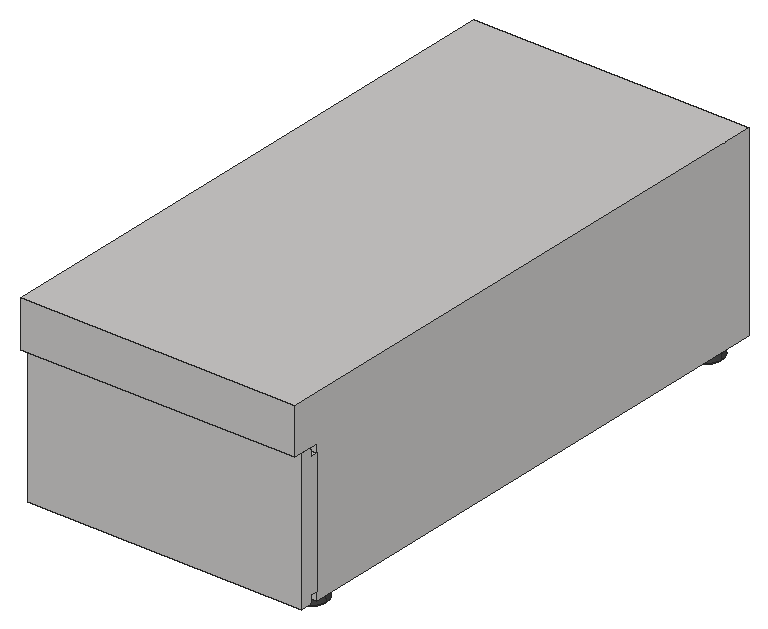
Revit family "QF_MACON_MN7xC-x", category Equipamento especial, Revit 2020
Family settings
  Cota do conector redondo = Utilizar diâmetro
  Tipo de parte = Normal
  Número OmniClass = 23.40.40.14.17
  Título OmniClass = Food Cooking Equipment
  Com base no plano de trabalho = Não
  Sempre na vertical = Sim
  Corte com vazios quando carregada = Não
  Compartilhado = Não
  Ponto de cálculo do ambiente = Não
Parameters (values of type "MN71C-G")
  Width = 360 mm
  Weight = 13.00 kg
  Volume = 0.06 m³
  URL = "https://www.acosmacom.com.br/"
  Show Clearances = yes
  Modelo = "MN71C-G"
  Height = 245 mm
  Fabricante = "MACOM"
  Elevação padrão = 0 mm
  Door 2 = yes
  Door 1 = yes
  Descrição = "MÓDULO NEUTRO COM GAVETA 360 MACOM"
  Depth = 745 mm
Types (5, lengths in mm): name | Width | Weight | Volume | Show Clearances | Modelo | Door 2 | Door 1 | Descrição
  (no name) | 360 | 13.00 kg | 0.06 m³ | yes | "MN71C-G" | yes | yes | "MÓDULO NEUTRO COM GAVETA 360 MACOM"
  MN72C-G | 720 | 20.00 kg | 1.3 m³ | yes | "MN72C-G" | yes | yes | "MÓDULO NEUTRO COM GAVETA 720 MACOM"
  MN71C-G | 360 | 13.00 kg | 0.06 m³ | yes | "MN71C-G" | yes | yes | "MÓDULO NEUTRO COM GAVETA 360 MACOM"
  MN72C-S | 720 | 20.00 kg | 1.3 m³ | no | "MN72C-S" | no | no | "MÓDULO NEUTRO SIMPLES 720 MACOM"
  MN71C-S | 360 | 13.00 kg | 0.06 m³ | no | "MN71C-S" | no | no | "MÓDULO NEUTRO SIMPLES 360 MACOM"
Reference planes
  plane 1 "Centro (Frente/Trás)": y = 0
  plane 2: z = 0.008
  plane 3 "Centro (Esquerda/Direita)": x = 0
  plane 4: z = 20.008
  plane 5: z = 265.008
  plane 6: y = -708.65
  plane 7: y = -745
  plane 8: z = 204.508
  plane 9: x = 360
  plane 10: z = 0.008
  plane 11: x = 360
  plane 12: x = 0
  plane 13: y = -708.65
  plane 14: x = 30
  plane 15: x = 330
  plane 16: y = -30
  plane 17: y = -678.65
  plane 18: z = 0.008
  plane 19: z = 500.008
  plane 20: z = 95.008
Forms (mm)
  Extrusion 1, solid, material "QF_Metal_Stainless Steel"
    sketch origin (0, 0, 0) x (0, 1, 0) y (0, 0, 1)
      loop
        line (0, 20.008) -> (0, 265.008) -> (-745, 265.008) -> (-745, 204.508) -> (-708.65, 204.508) -> (-708.65, 20.008) -> (0, 20.008)
    from 0 to 360
  Extrusion 2, solid, material "QF_Metal_Stainless Steel", not visible
    sketch origin (823.122, 0, 95.008) x (1, 0, 0) y (0, 1, 0)
      loop
        circle (-681.622, -367) r 45
    from 0 to 1
Lines and regions (mm)
  symbolic lines
    curve 1: line (0, 0, 0.008) -> (360, 0, 0.008)
    curve 2: line (0, -745, 0.008) -> (0, 0, 0.008)
    curve 3: line (360, -745, 0.008) -> (0, -745, 0.008)
    curve 4: line (360, 0, 0.008) -> (360, -745, 0.008)
  symbolic lines, not visible
    curve 5: circle (180, -88.5, 500.008) r 16 normal (0, 0, 1)
    curve 6: line (27.5, -211, 500.008) -> (27.5, -521, 500.008)
    curve 7: arc (27.5, -521, 500.008) -> (50.931, -577.569, 500.008) -> (107.5, -601, 500.008) r 80
    curve 8: line (107.5, -601, 500.008) -> (252.5, -601, 500.008)
    curve 9: arc (252.5, -601, 500.008) -> (309.069, -577.569, 500.008) -> (332.5, -521, 500.008) r 80
    curve 10: line (332.5, -521, 500.008) -> (332.5, -211, 500.008)
    curve 11: arc (332.5, -211, 500.008) -> (309.069, -154.431, 500.008) -> (252.5, -131, 500.008) r 80
    curve 12: line (252.5, -131, 500.008) -> (107.5, -131, 500.008)
    curve 13: arc (107.5, -131, 500.008) -> (50.931, -154.431, 500.008) -> (27.5, -211, 500.008) r 80
    curve 14: circle (141.349, -365.82, 500.008) r 45.136 normal (0, 0, 1)
Dimensions and locks
  "Width": plane 3 "Centro (Esquerda/Direita)" to plane 9
  "Depth": plane 7 to plane 1 "Centro (Frente/Trás)"
  plane 6 to plane 7 = 36.35 mm
  locked: plane 4 to level at 20
  "Height": plane 5 to plane 4
  locked: plane 1 "Centro (Frente/Trás)" to plane 16 at 30
  locked: plane 17 to plane 13 at 30
  locked: plane 11 to plane 15 at 30
  locked: plane 14 to plane 12 at 30
  level to plane 19 = 500 mm
  aligned and locked: level to plane 2
  aligned and locked: plane 10 to level
  aligned and locked: plane 4 to nested 1
  aligned and locked: plane 12 to nested 1
  aligned and locked: plane 3 "Centro (Esquerda/Direita)" to plane 12
  aligned and locked: plane 9 to plane 11
  aligned and locked: plane 13 to nested 1
  aligned and locked: plane 13 to plane 6
  aligned and locked: plane 15 to nested 4
  aligned and locked: plane 15 to nested 3
  aligned and locked: plane 17 to nested 3
  aligned and locked: plane 17 to nested 2
  aligned and locked: plane 14 to nested 2
  aligned and locked: plane 14 to nested 5
  aligned and locked: plane 16 to nested 5
  aligned and locked: plane 16 to nested 4
  aligned and locked: plane 18 to nested 4
  aligned and locked: plane 18 to nested 2
  aligned and locked: plane 18 to nested 5
  aligned and locked: plane 18 to nested 3
  aligned and locked: plane 18 to level
  aligned and locked: plane 9 to Extrusion 1
Automatic sketch dimensions
  Extrusion 1 sketch curve to plane 7 = 0 mm
  Extrusion 1 sketch curve to plane 4 = 0 mm
  Extrusion 1 sketch curve to plane 6 = 0 mm
  Extrusion 1 sketch curve to plane 1 "Centro (Frente/Trás)" = 0 mm
  Extrusion 1 sketch curve to plane 8 = 0 mm
  Extrusion 1 sketch curve to plane 5 = 0 mm
  curve 3 to plane 3 "Centro (Esquerda/Direita)" = 0 mm
  plane 7 to curve 3 = 0 mm
  curve 3 to plane 9 = 0 mm
  plane 1 "Centro (Frente/Trás)" to curve 2 = 0 mm
  curve 6 to plane 14 = 2.5 mm
  plane 14 to curve 12 = 77.5 mm
  plane 14 to curve 8 = 77.5 mm
  plane 14 to curve 14 = 111.349 mm
  curve 13 to curve 5 = 72.5 mm
  curve 12 to plane 15 = 77.5 mm
  curve 9 to plane 15 = 77.5 mm
  plane 15 to curve 10 = 2.5 mm
  curve 8 to plane 17 = 77.65 mm
  curve 7 to curve 14 = 155.18 mm
  plane 16 to curve 6 = 181 mm
  plane 16 to curve 5 = 58.5 mm
  plane 14 to Extrusion 2 sketch curve = 111.5 mm
  Extrusion 2 sketch curve to plane 17 = 311.65 mm
  radius of Extrusion 2 sketch curve = 45 mm
  radius of curve 5 = 16 mm
  radius of curve 14 = 45.136 mm
Nested families
  nested 1: "Porta Modulo Neutro" at (0, -708.65, 0.008), Show Clearances <- "Show Clearances", visible <- "Door 1", Width <- "Width", type "MN71C-G"
    with Width 360 mm, Show Clearances yes
  nested 2: "Pé de apoio" at (30, -678.65, -4.592), type "Pé de apoio"
  nested 3: "Pé de apoio" at (330, -678.65, -4.592), type "Pé de apoio"
  nested 4: "Pé de apoio" at (330, -30, -4.592), type "Pé de apoio"
  nested 5: "Pé de apoio" at (30, -30, -4.592), type "Pé de apoio"
Definition of nested family "Porta Modulo Neutro"
  Parameters (values of type "MN71C-G")
    Width [instance] = 360 mm
    URL = ""
    Show Clearances [instance] = yes
    Model = ""
    Manufacturer = ""
    Default Elevation = 0 mm
    Description = ""
  Reference planes
    plane 1 "Centro (Frente/Trás)": y = 0
    plane 2: z = 0
    plane 3 "Centro (Esquerda/Direita)": x = 0
    plane 4: z = 265
    plane 5: z = 20
    plane 6: z = 203.078
    plane 7: x = 360
    plane 8: z = -0.028
  Forms (mm)
    Extrusion 1, solid
      sketch origin (0, 705.986, 13.313) x (0, 1, 0) y (0, 0, 1)
        loop
          line (-705.986, 180.324) -> (-715.661, 180.324) -> (-715.661, 188.374) -> (-716.604, 188.374)
          arc (-716.604, 188.374) -> (-717.078, 189.364) -> (-718.1, 189.765) r 1.5
          line (-718.1, 189.765) -> (-730.661, 189.765) -> (-730.661, 6.715) -> (-718.1, 6.715)
          arc (-718.1, 6.715) -> (-717.057, 7.137) -> (-716.601, 8.165) r 1.5
          line (-716.601, 8.165) -> (-715.35, 8.165) -> (-715.35, 16.715) -> (-705.986, 16.715) -> (-705.986, 180.324)
      from 0 to 360
    Extrusion 2, solid, visible <- "Show Clearances", detail levels coarse
      sketch origin (0, 708.425, -634.972) x (0, 1, 0) y (0, 0, 1)
        loop
          line (-708.425, 654.972) -> (-708.425, 838.05) -> (-1318.425, 838.05) -> (-1318.425, 654.972) -> (-708.425, 654.972)
      from 0 to 360
  Dimensions and locks
    locked: plane 5 to plane 4 at 245
    Extrusion 1 to Extrusion 2 sketch curve = 585.325 mm
    "Width": plane 3 "Centro (Esquerda/Direita)" to plane 7
    locked: plane 8 to plane 5 at 20.028
    Extrusion 1 sketch curve to Extrusion 1 sketch curve to Extrusion 1 sketch curve to Extrusion 1 sketch curve to Extrusion 1 sketch curve to Extrusion 1 sketch curve = 1.45 mm locked, 8.55 mm locked, 163.608 mm locked, 8.05 mm locked, 1.391 mm locked
    Extrusion 1 sketch curve to Extrusion 1 sketch curve to Extrusion 1 sketch curve to Extrusion 1 sketch curve to Extrusion 1 sketch curve = 9.364 mm, 1.251 mm locked, 1.499 mm locked, 12.561 mm locked
    plane 4 to level = 265 mm
    aligned and locked: level to plane 2
    aligned and locked: Extrusion 2 to plane 7
    aligned and locked: Extrusion 2 to Extrusion 1
  Automatic sketch dimensions
    plane 6 to Extrusion 1 sketch curve = 0 mm
    Extrusion 1 sketch curve to plane 1 "Centro (Frente/Trás)" = 0 mm
    plane 1 "Centro (Frente/Trás)" to Extrusion 1 sketch curve = 12.114 mm
    Extrusion 1 sketch curve to Extrusion 1 sketch curve = 1.496 mm
    Extrusion 1 sketch curve to Extrusion 1 sketch curve = 0.943 mm
    Extrusion 2 sketch curve to plane 1 "Centro (Frente/Trás)" = 0 mm
    plane 5 to Extrusion 2 sketch curve = 0 mm
    plane 6 to Extrusion 2 sketch curve = 0 mm
Definition of nested family "Pé de apoio"
  Parameters (values of type "Pé de apoio")
    Default Elevation = 0 mm
  Reference planes
    plane 1 "Centro (Frente/Trás)": y = 0
    plane 2: z = 0
    plane 3 "Centro (Esquerda/Direita)": x = 0
  Forms (mm)
    Revolve 1, solid
      sketch origin (0, 0, 0) x (1, 0, 0) y (0, 0, 1)
        loop
          line (0, 4.6) -> (18.5, 4.6) -> (18.5, 6.565) -> (19.685, 6.565) -> (17.281, 20.026) -> (15.5, 20.026) -> (15.5, 21.498) -> (4, 21.498) -> (4, 24.6) -> (0, 24.6) -> (0, 4.6)
        axis (0, 24.6) -> (0, 4.6)
      angle from 0 to 360
  Dimensions and locks
    Revolve 1 sketch curve to Revolve 1 sketch curve = 20 mm
    aligned and locked: level to plane 2
